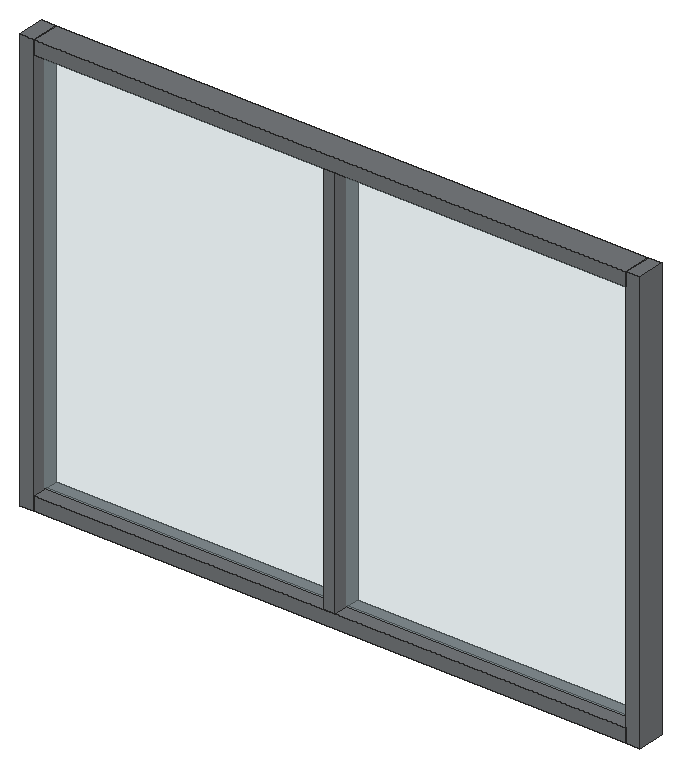
Revit family "LC W15 - A11", category Windows, host Wall, Revit 2027
Family settings
  Host = Wall
  Always vertical = Yes
  Cut with Voids When Loaded = No
  Shared = No
  Room Calculation Point = No
Parameters (values of type "A11 nominal size")
  Height = 1520 mm  # constant formula
  Description = "A07/A08 position, A11 overall sizes. Frame50x100 and glazing6mm are visual coordination profiles; manufacturer sections/glazing specification pending. Panel divisions follow schedule appearance, undimensioned divisions provisional."
  Default Sill Height = 0 mm
  Wall Closure = By host
  Width = 2230 mm  # constant formula
Reference planes
  plane 1 "Center (Front/Back)": y = 0
  plane 2 "Center (Left/Right)": x = 0
  plane 3 "Left": x = -1115
  plane 4 "Right": x = 1115
  plane 5 "Sill": z = 0
  plane 6 "Head": z = 1520
  plane 7 "Exterior": y = 100
  plane 8 "Interior": y = -100
Forms (mm)
  Extrusion 1, solid, material "LC Aluminium - charcoal coordination"
    sketch origin (0, 0, 0) x (1, 0, 0) y (0, 1, 0)
      loop
        line (-1115, -50) -> (-1065, -50) -> (-1065, 50) -> (-1115, 50) -> (-1115, -50)
    from 0 to 1520
  Extrusion 2, solid, material "LC Aluminium - charcoal coordination"
    sketch origin (0, 0, 0) x (1, 0, 0) y (0, 1, 0)
      loop
        line (1065, -50) -> (1115, -50) -> (1115, 50) -> (1065, 50) -> (1065, -50)
    from 0 to 1520
  Extrusion 3, solid, material "LC Aluminium - charcoal coordination"
    sketch origin (0, 0, 0) x (1, 0, 0) y (0, 1, 0)
      loop
        line (-1065, -50) -> (1065, -50) -> (1065, 50) -> (-1065, 50) -> (-1065, -50)
    from 1470 to 1520
  Extrusion 4, solid, material "LC Aluminium - charcoal coordination"
    sketch origin (0, 0, 0) x (1, 0, 0) y (0, 1, 0)
      loop
        line (-1065, -50) -> (1065, -50) -> (1065, 50) -> (-1065, 50) -> (-1065, -50)
    from 0 to 50
  Extrusion 5, solid, material "LC Aluminium - charcoal coordination"
    sketch origin (0, 0, 0) x (1, 0, 0) y (0, 1, 0)
      loop
        line (-20, -50) -> (20, -50) -> (20, 50) -> (-20, 50) -> (-20, -50)
    from 50 to 1470
  Extrusion 6, solid, material "LC Glazing - specification pending"
    sketch origin (0, 0, 0) x (1, 0, 0) y (0, 1, 0)
      loop
        line (-1065, -3) -> (0, -3) -> (0, 3) -> (-1065, 3) -> (-1065, -3)
    from 50 to 1470
  Extrusion 7, solid, material "LC Glazing - specification pending"
    sketch origin (0, 0, 0) x (1, 0, 0) y (0, 1, 0)
      loop
        line (0, -3) -> (1065, -3) -> (1065, 3) -> (0, 3) -> (0, -3)
    from 50 to 1470
Lines and regions (mm)
  Opening 1
    outline origin (3500, -100, 0) x (1, 0, 0) y (0, 0, 1)
      loop
        line (-2385, 0) -> (-2385, 1520) -> (-4615, 1520) -> (-4615, 0) -> (-2385, 0)
Text (mm)
  text "Exterior" at (-1963.203, 1332.353, 0), in view "Ref. Level"
  text "Interior" at (-1981.466, -818.386, 0), in view "Ref. Level"
  text "Exterior" at (0, 923.751, 2943.296), in view "Right"
  text "Exterior" at (0, 1040.484, 2685.409), in view "Left"
Dimensions and locks
  equal spacing: plane 3 "Left", plane 2 "Center (Left/Right)", plane 4 "Right"
  "Width": plane 3 "Left" to plane 4 "Right"
  "Height": plane 5 "Sill" to plane 6 "Head"
  "Default Sill Height": plane 5 "Sill" to level
  locked: plane 7 "Exterior" to host wall
  locked: plane 8 "Interior" to host wall
Automatic sketch dimensions
  Opening 1 sketch curve to plane 3 "Left" = 0 mm
  Opening 1 sketch curve to plane 4 "Right" = 0 mm
  Opening 1 sketch curve to plane 5 "Sill" = 0 mm
  Opening 1 sketch curve to plane 6 "Head" = 0 mm
  Extrusion 1 sketch curve to plane 3 "Left" = 0 mm
  Extrusion 1 sketch curve to Extrusion 1 sketch curve = 50 mm
  host wall to Extrusion 1 sketch curve = 50 mm
  Extrusion 1 sketch curve to host wall = 50 mm
  Extrusion 2 sketch curve to plane 4 "Right" = 0 mm
  plane 4 "Right" to Extrusion 2 sketch curve = 50 mm
  host wall to Extrusion 2 sketch curve = 50 mm
  Extrusion 2 sketch curve to host wall = 50 mm
  Extrusion 3 sketch curve to plane 3 "Left" = 50 mm
  plane 4 "Right" to Extrusion 3 sketch curve = 50 mm
  host wall to Extrusion 3 sketch curve = 50 mm
  Extrusion 3 sketch curve to host wall = 50 mm
  Extrusion 4 sketch curve to plane 3 "Left" = 50 mm
  plane 4 "Right" to Extrusion 4 sketch curve = 50 mm
  host wall to Extrusion 4 sketch curve = 50 mm
  Extrusion 4 sketch curve to host wall = 50 mm
  plane 2 "Center (Left/Right)" to Extrusion 5 sketch curve = 20 mm
  Extrusion 5 sketch curve to plane 2 "Center (Left/Right)" = 20 mm
  host wall to Extrusion 5 sketch curve = 50 mm
  Extrusion 5 sketch curve to host wall = 50 mm
  Extrusion 6 sketch curve to plane 2 "Center (Left/Right)" = 0 mm
  host wall to Extrusion 6 sketch curve = 3 mm
  Extrusion 6 sketch curve to plane 3 "Left" = 50 mm
  Extrusion 6 sketch curve to host wall = 3 mm
  Extrusion 7 sketch curve to plane 2 "Center (Left/Right)" = 0 mm
  Extrusion 7 sketch curve to host wall = 3 mm
  plane 4 "Right" to Extrusion 7 sketch curve = 50 mm
  host wall to Extrusion 7 sketch curve = 3 mm
